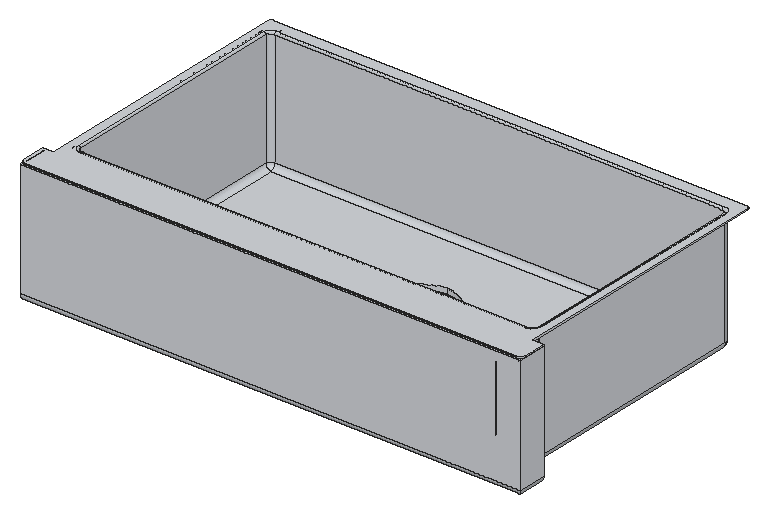
Revit family "Sink-Kitchen-KOHLER-Strive-K-5415", category Plumbing Fixtures, host Face, Revit 2015
Parameters (values of type "NA-Stainless Steel")
  Width = 21 1/4"  # constant formula
  Waste Water Outlet = "Waste Water Outlet"  # constant formula
  Waste Connection = 1 = 1  # yes
  Vent Connection = 0 = 1  # no
  URL = "https://www.us.kohler.com/us/"
  Product Page URL = "http://www.us.kohler.com/us/catalog/productDetails.jsp?productNumber=5415"
  Product Name = "Strive"
  Product Documentation Link = "http://www.us.kohler.com/onlinecatalog/pdf/K-5415_spec.pdf"
  Model = "K-5415-NA"  # constant formula
  Material = "16 Gauge Stainless Steel"  # constant formula
  MasterFormat 2004 = "22.41.16"  # constant formula
  MasterFormat 1995 = "15410"  # constant formula
  Manufacturer Address = "444 Highland Dr, Kohler, WI 53044"  # constant formula
  Manufacturer = "KOHLER Co."  # constant formula
  Length = 35 1/2"  # constant formula
  Hot Water Inlet = "Hot Water Inlet"  # constant formula
  Height = 12"  # constant formula
  HW Connection = 0 = 1  # no
  Finish = Kohler-Metal-NA-Stainless
  Environmental Product Declaration = ""
  Description = "Self-Trimming® 35-1/2inch x 21-1/4inch x 9-5/16inch under-mount large single-bowl kitchen sink with tall apron"  # constant formula
  Default Elevation = 36"
  Declare Label = ""
  Date Modified = "02/27/2018"  # constant formula
  Date Created = "02/27/2018"  # constant formula
  Copyright = "Copyright KOHLER Co."  # constant formula
  Contact Us = "https://www.us.kohler.com/us/static/contact.jsp"
  Cold Water Inlet = "Cold Water Inlet"  # constant formula
  CW Connection = 0 = 1  # no
  Assembly Code = "D2010400"
  ADA Compliant = no
Reference planes (in)
  plane 1 "Center (Front/Back)": y = 0
  plane 2: z = 0
  plane 3 "Center (Left/Right)": x = 0
  plane 4: y = -48.01563
  plane 5: y = -26.76563
  plane 6: x = -17.75
  plane 7: x = 17.75
  plane 8: z = -13
  plane 9: z = -1
Forms (in)
  Extrusion 1, void
    sketch origin (0, -36.12062, 0) x (1, 0, 0) y (0, 1, 0)
      loop
        arc (-16.26562, -11.395) -> (-16.41207, -11.74855) -> (-16.76562, -11.895) r 0.5
        line (-16.76562, -11.895) -> (16.76563, -11.895)
        arc (16.76563, -11.895) -> (16.41207, -11.74855) -> (16.26563, -11.395) r 0.5
        line (16.26563, -11.395) -> (16.26563, 7.95828)
        arc (16.26563, 7.95828) -> (16.14778, 8.24278) -> (15.86328, 8.36062) r 0.40234
        line (15.86328, 8.36062) -> (-15.86425, 8.36062)
        arc (-15.86425, 8.36062) -> (-16.14807, 8.24307) -> (-16.26562, 7.95925) r 0.40137
        line (-16.26562, 7.95925) -> (-16.26562, -11.395)
    from 0 to -1
  Extrusion 2, void
    sketch origin (0, 0, 0) x (1, 0, 0) y (0, 1, 0)
      loop
        line (17, -46.01563) -> (17, -27.02563)
        arc (17, -27.02563) -> (16.92678, -26.84885) -> (16.75, -26.77563) r 0.25
        line (16.75, -26.77563) -> (-16.75, -26.77563)
        arc (-16.75, -26.77563) -> (-16.92678, -26.84885) -> (-17, -27.02563) r 0.25
        line (-17, -27.02563) -> (-17, -46.01563) -> (-17.75, -46.01563) -> (-17.75, -48.01563) -> (17.75, -48.01563) -> (17.75, -46.01563) -> (17, -46.01563)
    from -13 to -1
Dimensions and locks (in)
  "Width": plane 4 to plane 5
  "Length": plane 6 to plane 7
  "Height": plane 8 to plane 9
  aligned and locked: plane 2 to host face
  aligned and locked: level to host face
Automatic sketch dimensions
  host sketch curve to host sketch curve = 96"  (x2)
  Extrusion 1 sketch curve to plane 4 = 0"
  plane 6 to Extrusion 1 sketch curve = 63/64"
  plane 6 to Extrusion 1 sketch curve = 1 31/64"
  Extrusion 1 sketch curve to Extrusion 1 sketch curve = 0.40137"
  plane 7 to Extrusion 1 sketch curve = 1 227/256"
  plane 4 to Extrusion 1 sketch curve = 1/2"
  plane 7 to Extrusion 1 sketch curve = 1 31/64"
  plane 5 to Extrusion 1 sketch curve = 1.39672"
  plane 6 to Extrusion 2 sketch curve = 3/4"
  plane 5 to Extrusion 2 sketch curve = 0.01"
  Extrusion 2 sketch curve to Extrusion 2 sketch curve = 1/4"
  plane 5 to Extrusion 2 sketch curve = 0.26"
  plane 7 to Extrusion 2 sketch curve = 1"
  Extrusion 2 sketch curve to Extrusion 2 sketch curve = 2"  (x2)
  plane 7 to Extrusion 2 sketch curve = 0"
  plane 6 to Extrusion 2 sketch curve = 0"
  plane 4 to Extrusion 2 sketch curve = 0"
Nested families (in)
  nested 1: "K-5415" at (0, -36.37062, -1), type "K-5415"
Connectors (in)
  piping at (0, -34.68563, -13), diameter 1.5, driven by "Waste Water Outlet", driven by "Waste Connection"
    settings: on nested 1, index 1, connector inside diameter 24", connector length 0", flow factor 0, pipe flow 0 GPM, pressure drop 0.00 psi, fitting loss kfactor 0, connector angle 0.00°, fixture units 0, engagement length 0", angle of deflection 0.00°, flow configuration 0, flow direction 2, fitting loss method 0, system type 16, joint type 0, gender type 0, connector reference index -1, connector utility 1, adjustable connector no, is connector primary yes, connector description "Waste Water Outlet"
Definition of nested family "K-5415"
  Parameters (values of type "K-5415")
    Material = none
  Reference planes (in)
    plane 1 "Center (Front/Back)": y = 0
    plane 2: z = 0
    plane 3 "Center (Left/Right)": x = 0
  Forms (in)
    Sweep 1, solid, material <- "Material"
      path origin (0, 0, 0) x (1, 0, 0) y (0, 1, 0)
        loop
          line (-16.25, 8.20925) -> (-16.25, -8.20828)
          arc (-16.25, -8.20828) -> (-16.13673, -8.48173) -> (-15.86328, -8.595) r 0.38672
          line (-15.86328, -8.595) -> (15.86328, -8.595)
          arc (15.86328, -8.595) -> (16.13673, -8.48173) -> (16.25, -8.20828) r 0.38672
          line (16.25, -8.20828) -> (16.25, 8.20828)
          arc (16.25, 8.20828) -> (16.13673, 8.48173) -> (15.86328, 8.595) r 0.38672
          line (15.86328, 8.595) -> (-15.86425, 8.595)
          arc (-15.86425, 8.595) -> (-16.13702, 8.48202) -> (-16.25, 8.20925) r 0.38575
      profile origin (-16.25, 0.00048, 0) x (1, 0, 0) y (0, 0, 1)
        loop
          line (-0.06, -0.125) -> (-0.06, -8.2722)
          arc (-0.06, -8.2722) -> (0.06943, -8.58855) -> (0.38349, -8.72344) r 0.45131
          line (0.38349, -8.72344) -> (0.38349, -8.66093)
          arc (0.38349, -8.66093) -> (0.11363, -8.54435) -> (0.0025, -8.2722) r 0.38881
          line (0.0025, -8.2722) -> (0.0025, -0.12891)
          arc (0.0025, -0.12891) -> (-0.03526, -0.03776) -> (-0.12641, 0) r 0.12891
          line (-0.12641, 0) -> (-0.33594, 0) -> (-0.33594, -0.06) -> (-0.125, -0.06)
          arc (-0.125, -0.06) -> (-0.07904, -0.07904) -> (-0.06, -0.125) r 0.065
    Extrusion 2, solid, material <- "Material"
      sketch origin (0, 0, 0) x (1, 0, 0) y (0, 1, 0)
        loop
          line (-15.86651, 8.21151) -> (-15.86651, -8.21151) -> (15.86651, -8.21151) -> (15.86651, 8.21151) -> (-15.86651, 8.21151)
        loop
          circle (0, 1.68504) r 2.37899
      from -8.72344 to -8.66093
    Revolve 3, solid, material <- "Material"
      sketch origin (0, 0, 0) x (0, 1, 0) y (0, 0, 1)
        loop
          line (3.97834, -9.16194) -> (4.07965, -9.0275) -> (4.07965, -8.65945) -> (4.00153, -8.65945) -> (4.00153, -9.03277) -> (3.96217, -9.085) -> (3.36187, -9.085)
          arc (3.36187, -9.085) -> (3.25618, -9.12716) -> (3.20855, -9.2305) r 0.15353
          line (3.20855, -9.2305) -> (3.17655, -9.84109)
          arc (3.17655, -9.84109) -> (3.14744, -9.90423) -> (3.08285, -9.93) r 0.09382
          line (3.08285, -9.93) -> (1.685, -9.93) -> (1.685, -12) -> (2.59127, -12) -> (2.685, -11.83765) -> (2.685, -11.406) -> (2.61815, -11.406) -> (2.61815, -11.01988)
          arc (2.61815, -11.01988) -> (2.6566, -10.86199) -> (2.76335, -10.73947) r 0.34337
          line (2.76335, -10.73947) -> (3.1818, -10.73947)
          arc (3.1818, -10.73947) -> (3.23296, -10.71827) -> (3.25416, -10.66711) r 0.07235
          line (3.25416, -10.66711) -> (3.25416, -10.54969)
          arc (3.25416, -10.54969) -> (3.25715, -10.53466) -> (3.26566, -10.52192) r 0.03928
          line (3.26566, -10.52192) -> (3.3099, -10.47768)
          arc (3.3099, -10.47768) -> (3.32224, -10.44659) -> (3.32372, -10.41316) r 0.10077
          line (3.32372, -10.41316) -> (3.36245, -10.37444) -> (3.36245, -10.085) -> (3.64016, -10.085)
          arc (3.64016, -10.085) -> (3.66347, -10.07535) -> (3.67312, -10.05204) r 0.03296
          line (3.67312, -10.05204) -> (3.67312, -9.97223)
          arc (3.67312, -9.97223) -> (3.68696, -9.93883) -> (3.72035, -9.925) r 0.04723
          line (3.72035, -9.925) -> (3.90453, -9.925)
          arc (3.90453, -9.925) -> (3.92608, -9.91608) -> (3.935, -9.89453) r 0.03047
          line (3.935, -9.89453) -> (3.935, -9.335) -> (3.37091, -9.335) -> (3.37091, -9.30034) -> (3.55239, -9.30034) -> (3.97834, -9.16194)
        axis (1.685, -12) -> (1.685, -8.65945)
      angle from 0 to 360
    Revolve 4, solid, material <- "Material"
      sketch origin (0, 0, 0) x (0, 1, 0) y (0, 0, 1)
        loop
          arc (1.8432, -10.597) -> (1.90194, -10.57267) -> (1.92627, -10.51393) r 0.08307
          line (1.92627, -10.51393) -> (1.92627, -10.46001) -> (1.83378, -10.46001) -> (1.83378, -9.085) -> (1.94459, -9.085)
          arc (1.94459, -9.085) -> (1.99414, -9.04192) -> (1.95838, -8.98686) r 0.05004
          line (1.95838, -8.98686) -> (1.88541, -8.96593)
          arc (1.88541, -8.96593) -> (1.78581, -8.94755) -> (1.685, -8.93782) r 1.17596
          line (1.685, -8.93782) -> (1.685, -10.597) -> (1.8432, -10.597)
        axis (1.685, -8.93782) -> (1.685, -10.597)
      angle from 0 to 360
    Extrusion 5, solid, material <- "Material"
      sketch origin (0, 0, 0) x (1, 0, 0) y (0, 1, 0)
        loop
          line (-17.75, -9.645) -> (-17.75, -11.25828)
          arc (-17.75, -11.25828) -> (-17.63673, -11.53173) -> (-17.36328, -11.645) r 0.38672
          line (-17.36328, -11.645) -> (17.3633, -11.645)
          arc (17.3633, -11.645) -> (17.63674, -11.53174) -> (17.75, -11.2583) r 0.3867
          line (17.75, -11.2583) -> (17.75, -9.645) -> (17, -9.645) -> (17, 9.345)
          arc (17, 9.345) -> (16.92678, 9.52178) -> (16.75, 9.595) r 0.25
          line (16.75, 9.595) -> (-16.75, 9.595)
          arc (-16.75, 9.595) -> (-16.92678, 9.52178) -> (-17, 9.345) r 0.25
          line (-17, 9.345) -> (-17, -9.645) -> (-17.75, -9.645)
        loop
          line (15.86328, 8.93094) -> (-15.86425, 8.93094)
          arc (-15.86425, 8.93094) -> (-16.37456, 8.71956) -> (-16.58594, 8.20925) r 0.72169
          line (-16.58594, 8.20925) -> (-16.58594, -8.20828)
          arc (-16.58594, -8.20828) -> (-16.37428, -8.71928) -> (-15.86328, -8.93094) r 0.72266
          line (-15.86328, -8.93094) -> (15.86328, -8.93094)
          arc (15.86328, -8.93094) -> (16.37428, -8.71928) -> (16.58594, -8.20828) r 0.72266
          line (16.58594, -8.20828) -> (16.58594, 8.20828)
          arc (16.58594, 8.20828) -> (16.37428, 8.71928) -> (15.86328, 8.93094) r 0.72266
      from 0 to -0.07226
    Sweep 6, solid, material <- "Material"
      path origin (0, 0, 0) x (1, 0, 0) y (0, 1, 0)
        loop
          line (-17.75, -9.645) -> (-17.75, -11.645) -> (17.75, -11.645) -> (17.75, -9.645)
      profile origin (0, -11.645, 0) x (0, 1, 0) y (0, 0, 1)
        loop
          line (1.98437, -0.05859) -> (0.12656, -0.05859)
          arc (0.12656, -0.05859) -> (0.03707, -0.09566) -> (0, -0.18515) r 0.12656
          line (0, -0.18515) -> (0, -8.41102)
          arc (0, -8.41102) -> (0.11393, -8.68607) -> (0.38898, -8.8) r 0.38898
          line (0.38898, -8.8) -> (1.98578, -8.8) -> (1.98578, -8.74) -> (0.38212, -8.74)
          arc (0.38212, -8.74) -> (0.15435, -8.64565) -> (0.06, -8.41788) r 0.32212
          line (0.06, -8.41788) -> (0.06, -0.18619)
          arc (0.06, -0.18619) -> (0.0798, -0.13839) -> (0.1276, -0.11859) r 0.0676
          line (0.1276, -0.11859) -> (1.98437, -0.11859) -> (1.98437, -0.05859)
    Extrusion 7, solid, material <- "Material"
      sketch origin (0, 0, 0) x (1, 0, 0) y (0, 1, 0)
        loop
          arc (-16.2955, -8.64538) -> (-16.26691, -8.71441) -> (-16.19788, -8.743) r 0.09762
          line (-16.19788, -8.743) -> (-15.91842, -8.743)
          arc (-15.91842, -8.743) -> (-15.8757, -8.7607) -> (-15.858, -8.80342) r 0.06042
          line (-15.858, -8.80342) -> (-15.858, -11.47732)
          arc (-15.858, -11.47732) -> (-15.87548, -11.51952) -> (-15.91768, -11.537) r 0.05968
          line (-15.91768, -11.537) -> (-17.31, -11.537) -> (-17.31, -11.585) -> (-15.91841, -11.585)
          arc (-15.91841, -11.585) -> (-15.84175, -11.55325) -> (-15.81, -11.47659) r 0.10841
          line (-15.81, -11.47659) -> (-15.81, -8.8022)
          arc (-15.81, -8.8022) -> (-15.8414, -8.7264) -> (-15.9172, -8.695) r 0.1072
          line (-15.9172, -8.695) -> (-16.19821, -8.695)
          arc (-16.19821, -8.695) -> (-16.23306, -8.68056) -> (-16.2475, -8.64571) r 0.04929
          line (-16.2475, -8.64571) -> (-16.2475, -7.693) -> (-16.2955, -7.693) -> (-16.2955, -8.64538)
        loop
          line (16.2955, -8.64538) -> (16.2955, -7.693) -> (16.2475, -7.693) -> (16.2475, -8.64571)
          arc (16.2475, -8.64571) -> (16.23306, -8.68056) -> (16.19821, -8.695) r 0.04929
          line (16.19821, -8.695) -> (15.9172, -8.695)
          arc (15.9172, -8.695) -> (15.8414, -8.7264) -> (15.81, -8.8022) r 0.1072
          line (15.81, -8.8022) -> (15.81, -11.47659)
          arc (15.81, -11.47659) -> (15.84175, -11.55325) -> (15.91841, -11.585) r 0.10841
          line (15.91841, -11.585) -> (17.31, -11.585) -> (17.31, -11.537) -> (15.91768, -11.537)
          arc (15.91768, -11.537) -> (15.87548, -11.51952) -> (15.858, -11.47732) r 0.05968
          line (15.858, -11.47732) -> (15.858, -8.80342)
          arc (15.858, -8.80342) -> (15.8757, -8.7607) -> (15.91842, -8.743) r 0.06042
          line (15.91842, -8.743) -> (16.19788, -8.743)
          arc (16.19788, -8.743) -> (16.26691, -8.71441) -> (16.2955, -8.64538) r 0.09762
      from -5.56 to -0.56
    Extrusion 8, solid, material <- "Material"
      sketch origin (0, 0, 0) x (1, 0, 0) y (0, 1, 0)
        loop
          circle (0, 1.685) r 1.5
        loop
          circle (0, 2.93053) r 0.07488
        loop
          circle (0, 0.435) r 0.0653
        loop
          circle (-0.80348, 2.64256) r 0.06421
        loop
          circle (-1.25, 1.685) r 0.05562
        loop
          circle (-1.13288, 2.21327) r 0.06821
        loop
          circle (-0.80348, 0.72744) r 0.06421
        loop
          circle (-1.13288, 1.15673) r 0.06821
        loop
          circle (0.80348, 2.64256) r 0.06421
        loop
          circle (1.13288, 2.21327) r 0.06821
        loop
          circle (0.80348, 0.72744) r 0.06421
        loop
          circle (1.25, 1.685) r 0.05562
        loop
          circle (1.13288, 1.15673) r 0.06821
        loop
          circle (-0.39898, 2.84592) r 0.06784
        loop
          circle (0.45491, 2.81714) r 0.07123
        loop
          circle (-0.27178, 2.55577) r 0.07704
        loop
          circle (-0.60525, 2.23189) r 0.07123
        loop
          circle (-0.70352, 1.3347) r 0.07123
        loop
          circle (-0.39651, 0.92461) r 0.07196
        loop
          circle (-0.72285, 1.82661) r 0.07196
        loop
          circle (0.27178, 2.55577) r 0.07704
        loop
          circle (0.60525, 2.23189) r 0.07123
        loop
          circle (0.70352, 1.3347) r 0.07123
        loop
          circle (0.39651, 0.92461) r 0.07196
        loop
          circle (0.72285, 1.82661) r 0.07196
        loop
          circle (-0.23301, 2.15418) r 0.08075
        loop
          circle (-0.46775, 1.65064) r 0.08523
        loop
          circle (-0.18273, 1.16061) r 0.08075
        loop
          circle (0.20176, 2.20106) r 0.08075
        loop
          circle (0.46775, 1.65064) r 0.08523
        loop
          circle (0.21398, 1.19186) r 0.08075
      from -9.88429 to -9.48789
  Cuts and joins
    joined: Sweep 1, Extrusion 2, Revolve 3, Revolve 4, Extrusion 5, Sweep 6, Extrusion 7, Extrusion 8
  Lines and regions (in)
    Masking region 1
      outline origin (0, 0, 0) x (1, 0, 0) y (0, 1, 0)
        loop
          line (-17.75, -11.645) -> (17.75, -11.645) -> (17.75, -9.645) -> (17, -9.645) -> (17, 9.345)
          arc (17, 9.345) -> (16.92678, 9.52178) -> (16.75, 9.595) r 0.25
          line (16.75, 9.595) -> (-16.75, 9.595)
          arc (-16.75, 9.595) -> (-16.92678, 9.52178) -> (-17, 9.345) r 0.25
          line (-17, 9.345) -> (-17, -9.645) -> (-17.75, -9.645) -> (-17.75, -11.645)
    Masking region 2
      outline origin (0, 0, 0) x (1, 0, 0) y (0, 0, 1)
        loop
          line (-17.75, -0.18515) -> (-17.75, -8.41102)
          arc (-17.75, -8.41102) -> (-17.63607, -8.68607) -> (-17.36102, -8.8) r 0.38898
          line (-17.36102, -8.8) -> (-2.39465, -8.8) -> (-2.39465, -9.0275) -> (-2.29334, -9.16194) -> (-1.86739, -9.30034) -> (-1.68596, -9.30034) -> (-1.68596, -9.335) -> (-2.25, -9.335) -> (-2.25, -9.89392)
          arc (-2.25, -9.89392) -> (-2.24078, -9.91617) -> (-2.21852, -9.92539) r 0.03148
          line (-2.21852, -9.92539) -> (-2.03437, -9.92539)
          arc (-2.03437, -9.92539) -> (-2.00147, -9.93902) -> (-1.98785, -9.97191) r 0.04652
          line (-1.98785, -9.97191) -> (-1.98785, -10.05359)
          arc (-1.98785, -10.05359) -> (-1.97862, -10.07586) -> (-1.95636, -10.08508) r 0.03149
          line (-1.95636, -10.08508) -> (-1.67801, -10.08508) -> (-1.67801, -10.37387) -> (-1.63872, -10.41316)
          arc (-1.63872, -10.41316) -> (-1.63762, -10.44667) -> (-1.6249, -10.47768) r 0.09448
          line (-1.6249, -10.47768) -> (-1.58164, -10.52094)
          arc (-1.58164, -10.52094) -> (-1.5728, -10.53417) -> (-1.5697, -10.54978) r 0.04078
          line (-1.5697, -10.54978) -> (-1.5697, -10.66728)
          arc (-1.5697, -10.66728) -> (-1.54855, -10.71832) -> (-1.4975, -10.73947) r 0.07219
          line (-1.4975, -10.73947) -> (-1.07835, -10.73947)
          arc (-1.07835, -10.73947) -> (-0.98177, -10.85137) -> (-0.93315, -10.99097) r 0.39458
          line (-0.93315, -10.99097) -> (-0.93315, -11.406) -> (-1, -11.406) -> (-1, -11.83765) -> (-0.90627, -12) -> (0, -12) -> (0.90627, -12) -> (1, -11.83765) -> (1, -11.406) -> (0.93315, -11.406) -> (0.93315, -10.99097)
          arc (0.93315, -10.99097) -> (0.98177, -10.85137) -> (1.07835, -10.73947) r 0.39458
          line (1.07835, -10.73947) -> (1.4975, -10.73947)
          arc (1.4975, -10.73947) -> (1.54855, -10.71832) -> (1.5697, -10.66728) r 0.07219
          line (1.5697, -10.66728) -> (1.5697, -10.54978)
          arc (1.5697, -10.54978) -> (1.5728, -10.53417) -> (1.58164, -10.52094) r 0.04078
          line (1.58164, -10.52094) -> (1.6249, -10.47768)
          arc (1.6249, -10.47768) -> (1.63762, -10.44667) -> (1.63872, -10.41316) r 0.09448
          line (1.63872, -10.41316) -> (1.67801, -10.37387) -> (1.67801, -10.08508) -> (1.95636, -10.08508)
          arc (1.95636, -10.08508) -> (1.97862, -10.07586) -> (1.98785, -10.05359) r 0.03149
          line (1.98785, -10.05359) -> (1.98785, -9.97191)
          arc (1.98785, -9.97191) -> (2.00147, -9.93902) -> (2.03437, -9.92539) r 0.04652
          line (2.03437, -9.92539) -> (2.21852, -9.92539)
          arc (2.21852, -9.92539) -> (2.24078, -9.91617) -> (2.25, -9.89392) r 0.03148
          line (2.25, -9.89392) -> (2.25, -9.335) -> (1.68596, -9.335) -> (1.68596, -9.30034) -> (1.86739, -9.30034) -> (2.29334, -9.16194) -> (2.39465, -9.0275) -> (2.39465, -8.8) -> (17.36102, -8.8)
          arc (17.36102, -8.8) -> (17.63607, -8.68607) -> (17.75, -8.41102) r 0.38898
          line (17.75, -8.41102) -> (17.75, -0.18515)
          arc (17.75, -0.18515) -> (17.73128, -0.11891) -> (17.68065, -0.07226) r 0.12656
          line (17.68065, -0.07226) -> (17.75, -0.07226) -> (17.75, 0) -> (-17.75, 0) -> (-17.75, -0.07226) -> (-17.68065, -0.07226)
          arc (-17.68065, -0.07226) -> (-17.73128, -0.11891) -> (-17.75, -0.18515) r 0.12656
    Masking region 3
      outline origin (0, 0, 0) x (0, 1, 0) y (0, 0, 1)
        loop
          line (9.595, 0) -> (-11.645, 0) -> (-11.645, -0.07226) -> (-11.57565, -0.07226)
          arc (-11.57565, -0.07226) -> (-11.62628, -0.11891) -> (-11.645, -0.18515) r 0.12656
          line (-11.645, -0.18515) -> (-11.645, -8.40293)
          arc (-11.645, -8.40293) -> (-11.52577, -8.69077) -> (-11.23793, -8.81) r 0.40707
          line (-11.23793, -8.81) -> (-9.645, -8.81) -> (-9.645, -5.56) -> (-8.65353, -5.56) -> (-8.65353, -8.72344) -> (-0.70965, -8.72344) -> (-0.70965, -9.0275) -> (-0.60834, -9.16194) -> (-0.18239, -9.30034) -> (-0.00096, -9.30034) -> (-0.00096, -9.335) -> (-0.565, -9.335) -> (-0.565, -9.89392)
          arc (-0.565, -9.89392) -> (-0.55578, -9.91617) -> (-0.53352, -9.92539) r 0.03148
          line (-0.53352, -9.92539) -> (-0.34937, -9.92539)
          arc (-0.34937, -9.92539) -> (-0.31647, -9.93902) -> (-0.30285, -9.97191) r 0.04652
          line (-0.30285, -9.97191) -> (-0.30285, -10.05359)
          arc (-0.30285, -10.05359) -> (-0.29362, -10.07586) -> (-0.27136, -10.08508) r 0.03149
          line (-0.27136, -10.08508) -> (0.00699, -10.08508) -> (0.00699, -10.37387) -> (0.04628, -10.41316)
          arc (0.04628, -10.41316) -> (0.04738, -10.44667) -> (0.0601, -10.47768) r 0.09448
          line (0.0601, -10.47768) -> (0.10336, -10.52094)
          arc (0.10336, -10.52094) -> (0.1122, -10.53417) -> (0.1153, -10.54978) r 0.04078
          line (0.1153, -10.54978) -> (0.1153, -10.66728)
          arc (0.1153, -10.66728) -> (0.13645, -10.71832) -> (0.1875, -10.73947) r 0.07219
          line (0.1875, -10.73947) -> (0.60665, -10.73947)
          arc (0.60665, -10.73947) -> (0.70323, -10.85137) -> (0.75185, -10.99097) r 0.39458
          line (0.75185, -10.99097) -> (0.75185, -11.406) -> (0.685, -11.406) -> (0.685, -11.83765) -> (0.77873, -12) -> (1.685, -12) -> (2.59127, -12) -> (2.685, -11.83765) -> (2.685, -11.406) -> (2.61815, -11.406) -> (2.61815, -10.99097)
          arc (2.61815, -10.99097) -> (2.66677, -10.85137) -> (2.76335, -10.73947) r 0.39458
          line (2.76335, -10.73947) -> (3.1825, -10.73947)
          arc (3.1825, -10.73947) -> (3.23355, -10.71832) -> (3.2547, -10.66728) r 0.07219
          line (3.2547, -10.66728) -> (3.2547, -10.54978)
          arc (3.2547, -10.54978) -> (3.2578, -10.53417) -> (3.26664, -10.52094) r 0.04078
          line (3.26664, -10.52094) -> (3.3099, -10.47768)
          arc (3.3099, -10.47768) -> (3.32262, -10.44667) -> (3.32372, -10.41316) r 0.09448
          line (3.32372, -10.41316) -> (3.36301, -10.37387) -> (3.36301, -10.08508) -> (3.64136, -10.08508)
          arc (3.64136, -10.08508) -> (3.66362, -10.07586) -> (3.67285, -10.05359) r 0.03149
          line (3.67285, -10.05359) -> (3.67285, -9.97191)
          arc (3.67285, -9.97191) -> (3.68647, -9.93902) -> (3.71937, -9.92539) r 0.04652
          line (3.71937, -9.92539) -> (3.90352, -9.92539)
          arc (3.90352, -9.92539) -> (3.92578, -9.91617) -> (3.935, -9.89392) r 0.03148
          line (3.935, -9.89392) -> (3.935, -9.335) -> (3.37096, -9.335) -> (3.37096, -9.30034) -> (3.55239, -9.30034) -> (3.97834, -9.16194) -> (4.07965, -9.0275) -> (4.07965, -8.72344) -> (8.65575, -8.72344) -> (8.65575, -0.12425)
          arc (8.65575, -0.12425) -> (8.66355, -0.09624) -> (8.68, -0.07226) r 0.08859
          line (8.68, -0.07226) -> (9.595, -0.07226) -> (9.595, 0)
    symbolic lines, detail levels medium+fine
      curve 1: arc (15.86328, 8.93094, 0) -> (16.37428, 8.71928, 0) -> (16.58594, 8.20828, 0) r 0.72266
      curve 2: line (16.58594, 8.20828, 0) -> (16.58594, -8.20828, 0)
      curve 3: arc (16.58594, -8.20828, 0) -> (16.37428, -8.71928, 0) -> (15.86328, -8.93094, 0) r 0.72266
      curve 4: line (15.86328, -8.93094, 0) -> (-15.86328, -8.93094, 0)
      curve 5: arc (-15.86328, -8.93094, 0) -> (-16.37428, -8.71928, 0) -> (-16.58594, -8.20828, 0) r 0.72266
      curve 6: line (-15.86651, 8.21151, 0) -> (-15.86651, -8.21151, 0)
      curve 7: line (15.86651, 8.21151, 0) -> (-15.86651, 8.21151, 0)
      curve 8: line (-15.86651, -8.21151, 0) -> (15.86651, -8.21151, 0)
      curve 9: line (-15.86651, 8.21151, 0) -> (-15.86651, -8.21151, 0)
      curve 10: line (15.86651, -8.21151, 0) -> (15.86651, 8.21151, 0)
      curve 11: line (-16.58594, -8.20828, 0) -> (-16.58594, 8.20925, 0)
      curve 12: arc (-16.58594, 8.20925, 0) -> (-16.37456, 8.71956, 0) -> (-15.86425, 8.93094, 0) r 0.72169
      curve 13: line (-15.86425, 8.93094, 0) -> (15.86328, 8.93094, 0)
      curve 14: arc (0, 4.07965, 0) -> (-2.39465, 1.685, 0) -> (0, -0.70965, 0) r 2.39465
      curve 15: arc (0, 3.1634, 0) -> (-1.4784, 1.685, 0) -> (0, 0.2066, 0) r 1.4784
      curve 16: arc (1.5, 1.685, 0) -> (0, 3.185, 0) -> (-1.5, 1.685, 0) r 1.5
      curve 17: arc (0, 0.2066, 0) -> (1.4784, 1.685, 0) -> (0, 3.1634, 0) r 1.4784
      curve 18: arc (0, 1.53622, 0) -> (0.14878, 1.685, 0) -> (0, 1.83378, 0) r 0.14878
      curve 19: arc (0, 1.83378, 0) -> (-0.14878, 1.685, 0) -> (0, 1.53622, 0) r 0.14878
      curve 20: arc (0, 1.88541, 0) -> (0.20041, 1.685, 0) -> (0, 1.48459, 0) r 0.20041
      curve 21: arc (0, 1.48459, 0) -> (-0.20041, 1.685, 0) -> (0, 1.88541, 0) r 0.20041
      curve 22: arc (0, -0.70965, 0) -> (2.39465, 1.685, 0) -> (0, 4.07965, 0) r 2.39465
      curve 23: arc (-1.5, 1.685, 0) -> (0, 0.185, 0) -> (1.5, 1.685, 0) r 1.5
      curve 24: arc (0, 4.00153, 0) -> (-2.31653, 1.685, 0) -> (0, -0.63153, 0) r 2.31653
      curve 25: arc (0, -0.63153, 0) -> (2.31653, 1.685, 0) -> (0, 4.00153, 0) r 2.31653
      curve 26: arc (0, 3.97834, 0) -> (2.29334, 1.685, 0) -> (0, -0.60834, 0) r 2.29334
      curve 27: arc (0, -0.60834, 0) -> (-2.29334, 1.685, 0) -> (0, 3.97834, 0) r 2.29334
      curve 28: arc (0, 3.96217, 0) -> (2.27717, 1.685, 0) -> (0, -0.59217, 0) r 2.27717
      curve 29: arc (0, -0.59217, 0) -> (-2.27717, 1.685, 0) -> (0, 3.96217, 0) r 2.27717
      curve 30: arc (0, -0.565, 0) -> (2.25, 1.685, 0) -> (0, 3.935, 0) r 2.25
      curve 31: arc (0, 3.935, 0) -> (-2.25, 1.685, 0) -> (0, -0.565, 0) r 2.25
      curve 32: line (17, -9.645, 0) -> (17, 9.345, 0)
      curve 33: line (17.75, -11.2583, 0) -> (17.75, -9.645, 0)
      curve 34: line (17.75, -11.2583, 0) -> (17.75, -9.645, 0)
      curve 35: line (-2.39465, 0, -8.8) -> (2.39465, 0, -8.8)
      curve 36: line (-1.68596, 0, -9.30034) -> (1.68596, 0, -9.30034)
      curve 37: line (-1.68596, 0, -9.335) -> (1.68596, 0, -9.335)
      curve 38: line (-2.03437, 0, -9.92539) -> (2.03437, 0, -9.92539)
      curve 39: line (-1.67801, 0, -10.08508) -> (1.67801, 0, -10.08508)
      curve 40: line (-1.67801, 0, -10.37387) -> (1.67801, 0, -10.37387)
      curve 41: line (-1.63872, 0, -10.41316) -> (1.63872, 0, -10.41316)
      curve 42: line (-1.07835, 0, -10.73947) -> (1.07835, 0, -10.73947)
      curve 43: line (-0.93315, 0, -11.406) -> (0.93315, 0, -11.406)
      curve 44: line (-2.39465, 0, -9.0275) -> (2.39465, 0, -9.0275)
      curve 45: line (0, 4.07965, -8.72344) -> (0, -0.70965, -8.72344)
      curve 46: line (0, 3.37091, -9.30034) -> (0, -0.00096, -9.30034)
      curve 47: line (0, 3.37091, -9.335) -> (0, -0.00091, -9.335)
      curve 48: line (0, 3.71937, -9.92539) -> (0, -0.34937, -9.92539)
      curve 49: line (0, 3.36301, -10.08508) -> (0, 0.00699, -10.08508)
      curve 50: line (0, 3.36245, -10.37444) -> (0, 0.00755, -10.37444)
      curve 51: line (0, 3.32372, -10.41316) -> (0, 0.04628, -10.41316)
      curve 52: line (0, 2.76335, -10.73947) -> (0, 0.60665, -10.73947)
      curve 53: line (0, 2.61815, -11.406) -> (0, 0.75185, -11.406)
      curve 54: line (0, 2.685, -11.83765) -> (0, 0.685, -11.83765)
      curve 55: line (0, -8.32117, -0.56) -> (0, -11.585, -0.56)
      curve 56: line (0, -8.32117, -5.56) -> (0, -8.32117, -0.56)
      curve 57: line (0, -11.585, -5.56) -> (0, -8.32117, -5.56)
      curve 58: line (0, -9.645, -8.8) -> (0, -9.645, -0.56)
      curve 59: line (0, -8.695, -0.56) -> (0, -8.695, -5.56)
      curve 60: line (0, -8.65353, -0.56) -> (0, -8.65353, 0)
  Dimensions and locks (in)
    aligned and locked: plane 2 to level
    aligned and locked: Extrusion 2 to Sweep 1  (x2)
